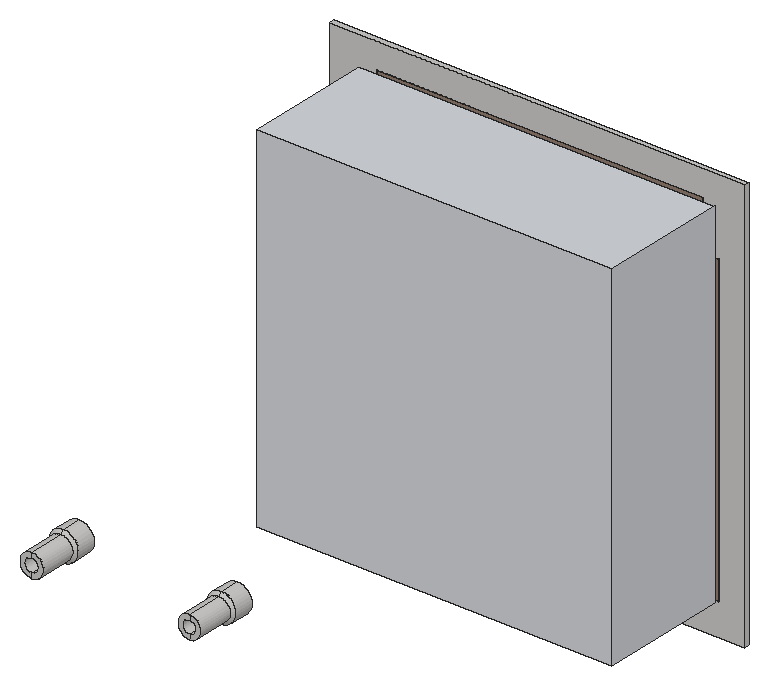
Revit family
Parameters (values of type "5560QT-08")
  Width = 10 1/2"
  Weight (lb) = 24.89
  Warranty = ""
  URL = "http://www.jrsmith.com"
  Technical and Installation = "http://www.jrsmith.com/products/hyd/techdata/hydrants_technical_data.htm"
  SmartBIM Object Version = 3  # constant formula
  SmartBIM Object Created By = "Reed Construction Data"  # constant formula
  Pipe Size = 1/2"
  OmniClass Title = "Facility Water Distribution and Piping"  # constant formula
  OmniClass Code = "22-22 11 13"  # constant formula
  Model = "5560QT"  # constant formula
  Max. Static Load = ""
  Material Finish = Stainless Steel
  Material = Bronze
  Manufacturer = "Jay R. Smith Mfg. Co. "  # constant formula
  Height = 10 1/2"
  Free Area(Sq In) = ""
  Flow Rate = ""
  Floor Offset = 18"
  Description = "Bronze nickel plated quarter turn non-freeze hydrant with 3/4in hose connection, backer plate, integral vacuum breaker with vandal resistant cap and T handle key"  # constant formula
  Capacity = ""
  Assembly Code = "D2020300"
  Action = "Key Quarter Turn"  # constant formula
  95 CSI = "15100"  # constant formula
  04 CSI = "22 11 13"  # constant formula
Types (6): name | Weight (lb)
  5560QT-08 | 24.89
  5560QT-12 | 25.3
  5560QT-16 | 25.98
  5560QT-20 | 26.65
  5560QT-24 | 27.23
  5560QT-SAP | 24.1
Reference planes (in)
  plane 1: y = 0
  plane 2 "Center (Left/Right)": x = -0.47711
  plane 3 "Back": y = 6
  plane 4: z = 18
  plane 5: z = 23.25
  plane 6: z = 28.5
  plane 7: x = -5.72711
  plane 8: x = 4.77289
  plane 9: y = -6
  plane 10: y = 6.125
  plane 11: y = -7.5
  plane 12: y = 2.75
  plane 13: y = 6.0625
  plane 14: z = 27.75
  plane 15: z = 18.75
  plane 16: x = -4.97711
  plane 17: x = 4.02289
  plane 18: x = 3.89789
  plane 19: x = -4.85211
  plane 20: y = 2.87439
  plane 21: z = 27.625
  plane 22: z = 18.875
  plane 23: x = -2.47711
  plane 24: x = 1.52289
Forms (in)
  Extrusion 1, void
    sketch origin (0, 0, 0) x (1, 0, 0) y (0, 1, 0)
      loop
        line (-5.72711, 6) -> (-5.72711, 2.75) -> (4.77289, 2.75) -> (4.77289, 6) -> (-5.72711, 6)
    from 18 to 28.5
  Extrusion 2, solid, material "Stainless Steel" <- "Material Finish"
    sketch origin (-60, 6, 0) x (-1, 0, 0) y (0, 0, 1)
      loop
        line (-64.77289, 18) -> (-54.27289, 18) -> (-54.27289, 28.5) -> (-64.77289, 28.5) -> (-64.77289, 18)
      loop
        line (-63.71439, 27.85) -> (-63.71439, 26.6) -> (-64.12445, 26.6) -> (-64.12445, 18.8) -> (-55.17289, 18.8) -> (-55.17289, 26.6) -> (-55.45796, 26.6) -> (-55.45796, 27.85) -> (-63.71439, 27.85)
    from 0 to 0.125
  Extrusion 3, solid, material "Bronze" <- "Material"
    sketch origin (-60, 6, 0) x (-1, 0, 0) y (0, 0, 1)
      loop
        line (-63.71439, 26.6) -> (-64.12445, 26.6) -> (-64.12445, 18.8) -> (-55.17289, 18.8) -> (-55.17289, 26.6) -> (-55.45796, 26.6) -> (-55.45796, 27.85) -> (-63.71439, 27.85) -> (-63.71439, 26.6)
    from 0 to 0.0625
  Extrusion 4, solid, material "Stainless Steel" <- "Material Finish"
    sketch origin (-60, 6, 0) x (-1, 0, 0) y (0, 0, 1)
      loop
        line (-60.23787, 24.5155) -> (-60.61012, 24.5155) -> (-61.52306, 21.33168)
        arc (-61.52306, 21.33168) -> (-61.40039, 21.11038) -> (-61.17909, 21.23305) r 0.17892
        line (-61.17909, 21.23305) -> (-60.23787, 24.5155)
      loop
        line (-58.93292, 24.5155) -> (-57.99169, 21.23305)
        arc (-57.99169, 21.23305) -> (-57.77039, 21.11038) -> (-57.64772, 21.33168) r 0.17892
        line (-57.64772, 21.33168) -> (-58.56066, 24.5155) -> (-58.93292, 24.5155)
      loop
        line (-59.88353, 24.5155) -> (-59.88353, 20.79672)
        arc (-59.88353, 20.79672) -> (-59.63353, 20.54672) -> (-59.38353, 20.79672) r 0.25
        line (-59.38353, 20.79672) -> (-59.38353, 24.5155) -> (-59.88353, 24.5155)
      loop
        circle (-59.61596, 19.7781) r 0.39706
      loop
        circle (-59.61596, 19.7781) r 0.25
    from 0.0625 to 0.125
  Extrusion 5, solid
    sketch origin (-60, 6, 0) x (-1, 0, 0) y (0, 0, 1)
      loop
        line (-64.02289, 18.75) -> (-55.02289, 18.75) -> (-55.02289, 27.75) -> (-64.02289, 27.75) -> (-64.02289, 18.75)
    from 0 to -3.25
  Extrusion 6, void
    sketch origin (-60, 6, 0) x (1, 0, 0) y (0, 0, 1)
      loop
        line (63.89789, 27.625) -> (55.14789, 27.625) -> (55.14789, 18.875) -> (63.89789, 18.875) -> (63.89789, 27.625)
    from 0 to 3.12561
  Revolve 7, solid, material "Stainless Steel" <- "Material Finish"
    sketch origin (1.52289, 0, 0) x (0, 1, 0) y (0, 0, 1)
      loop
        line (-6, 23.3673) -> (-6, 23.6173) -> (-6.49877, 23.6173) -> (-6.57929, 23.53678) -> (-7.5, 23.53678) -> (-7.5, 23.41178) -> (-6.52752, 23.41178) -> (-6.44699, 23.4923) -> (-6.125, 23.4923) -> (-6.125, 23.3673) -> (-6, 23.3673)
      axis (-6, 23.25) -> (-7.5, 23.25)
    angle from 0 to 360
  Revolve 8, solid, material "Stainless Steel" <- "Material Finish"
    sketch origin (-2.47711, 0, -0.1327) x (0, 1, 0) y (0, 0, -1)
      loop
        line (-6, -23.5) -> (-6.125, -23.5) -> (-6.125, -23.625) -> (-6.44699, -23.625) -> (-6.52752, -23.54448) -> (-7.5, -23.54448) -> (-7.5, -23.66948) -> (-6.57929, -23.66948) -> (-6.49877, -23.75) -> (-6, -23.75) -> (-6, -23.5)
      axis (-7.5, -23.375) -> (-6, -23.375)
    angle from 0 to 360
Cuts and joins
  Extrusion 6 cuts Extrusion 2
  Extrusion 6 cuts Extrusion 3
  Extrusion 6 cuts Extrusion 5
Text (in)
  text "Placement Side" at (0, 40.15149, 123.01588), in view "Right"
  text "Placement Side" at (-70.3804, 45.82615, 0), in view "Ref. Level"
  text "Placement Side" at (0, 47.49176, 113.10569), in view "Left"
Dimensions and locks (in)
  locked: plane 3 "Back" to host wall
  plane 4 to plane 5 to plane 6 = 5 1/4", 5 1/4"
  "Height": plane 4 to plane 6
  equal spacing: plane 7, plane 2 "Center (Left/Right)", plane 8
  "Width": plane 7 to plane 8
  locked: plane 10 to plane 3 "Back" at 0.125
  locked: plane 9 to plane 11 at 1.5
  locked: host wall to plane 12 at 3.25
  "Floor Offset": level to plane 4
  locked: Extrusion 2 sketch curve to plane 8 at 0.64844
  locked: Extrusion 2 sketch curve to plane 7 at 0.9
  locked: plane 4 to Extrusion 2 sketch curve at 0.8
  locked: Extrusion 2 sketch curve to plane 6 at 0.65
  locked: Extrusion 2 sketch curve to plane 7 at 1.18507
  locked: Extrusion 2 sketch curve to plane 8 at 1.05851
  locked: plane 13 to host wall at 0.0625
  locked: plane 14 to plane 6 at 0.75
  locked: plane 4 to plane 15 at 0.75
  locked: plane 7 to plane 16 at 0.75
  locked: plane 17 to plane 8 at 0.75
  locked: plane 18 to plane 17 at 0.125
  locked: plane 16 to plane 19 at 0.125
  locked: plane 20 to plane 12 at 0.12439
  locked: plane 21 to plane 14 at 0.125
  locked: plane 15 to plane 22 at 0.125
  equal spacing: plane 24, plane 2 "Center (Left/Right)", plane 23
  locked: Revolve 8 sketch curve to Revolve 8 sketch curve at 0.125
  locked: Revolve 8 sketch curve to plane 5 at 0.28678
  locked: Revolve 8 sketch curve to plane 5 at 0.0077
  locked: Revolve 7 sketch curve to Revolve 7 sketch curve at 0.125
  locked: Revolve 7 sketch curve to plane 5 at 0.16178
  aligned and locked: Extrusion 1 sketch curve to plane 7
  aligned and locked: host wall to Extrusion 1 sketch curve
  aligned and locked: plane 8 to Extrusion 1 sketch curve
  aligned and locked: plane 6 to Extrusion 1
  aligned and locked: Extrusion 1 to plane 4
  aligned and locked: Extrusion 1 to plane 3 "Back"
  aligned and locked: plane 8 to Extrusion 2 sketch curve
  aligned and locked: Extrusion 2 sketch curve to plane 6
  aligned and locked: Extrusion 2 sketch curve to plane 4
  aligned and locked: Extrusion 2 sketch curve to plane 7
  aligned and locked: Extrusion 2 to plane 10
  aligned and locked: plane 3 "Back" to Extrusion 2
  aligned and locked: Extrusion 3 sketch curve to Extrusion 2  (x8)
  aligned and locked: Extrusion 3 to host wall
  aligned and locked: Extrusion 4 to plane 10
  aligned and locked: Extrusion 3 to plane 13
  aligned and locked: Extrusion 4 to Extrusion 3
  aligned and locked: plane 14 to Extrusion 5 sketch curve
  aligned and locked: plane 15 to Extrusion 5 sketch curve
  aligned and locked: plane 12 to Extrusion 5
  aligned and locked: host wall to Extrusion 5
  aligned and locked: Extrusion 6 to plane 19
  aligned and locked: Extrusion 6 to plane 18
  aligned and locked: cut or joined group of Extrusion 5, Extrusion 6 to plane 3 "Back"
  aligned and locked: cut or joined group of Extrusion 5, Extrusion 6 to plane 20
  aligned and locked: plane 17 to Extrusion 5 sketch curve
  aligned and locked: plane 16 to Extrusion 5 sketch curve
  aligned and locked: Extrusion 6 sketch curve to plane 21
  aligned and locked: plane 19 to Extrusion 6 sketch curve
  aligned and locked: Extrusion 6 sketch curve to plane 22
  aligned and locked: plane 18 to Extrusion 6 sketch curve
  aligned and locked: plane 12 to Extrusion 1 sketch curve
  aligned and locked: plane 9 to host wall
  aligned and locked: Revolve 7 sketch curve to plane 11
  aligned and locked: Revolve 7 sketch curve to plane 9
  aligned and locked: plane 5 to Revolve 7 sketch curve
Automatic sketch dimensions
  Extrusion 2 sketch curve to plane 14 = 1.15"  (x2)
  Extrusion 4 sketch curve to Extrusion 4 sketch curve = 0"  (x4)
  plane 24 to Extrusion 4 sketch curve = 0.00017"
  Extrusion 4 sketch curve to plane 24 = 0.17181"
  Extrusion 4 sketch curve to Extrusion 4 sketch curve = 0.17199"  (x2)
  Extrusion 4 sketch curve to plane 24 = 0.91277"
  Extrusion 4 sketch curve to Extrusion 4 sketch curve = 0.37225"  (x2)
  plane 2 "Center (Left/Right)" to Extrusion 4 sketch curve = 0.36064"
  plane 2 "Center (Left/Right)" to Extrusion 4 sketch curve = 0.11064"
  plane 2 "Center (Left/Right)" to Extrusion 4 sketch curve = 0.09307"
  Extrusion 4 sketch curve to Extrusion 4 sketch curve = 0.45061"
  plane 23 to Extrusion 4 sketch curve = 0.4688"
  plane 23 to Extrusion 4 sketch curve = 0.12483"
  Extrusion 4 sketch curve to plane 15 = 1.0281"
  Extrusion 4 sketch curve to Extrusion 4 sketch curve = 1.01861"
  Extrusion 4 sketch curve to Extrusion 4 sketch curve = 0.43633"  (x2)
  Extrusion 4 sketch curve to Extrusion 4 sketch curve = 0.04932"  (x2)
  plane 5 to Extrusion 4 sketch curve = 1.2655"
  Revolve 7 sketch curve to plane 11 = 0.74915"
  plane 11 to Revolve 7 sketch curve = 0.58423"
  Revolve 7 sketch curve to Revolve 7 sketch curve = 0.33648"
  Revolve 7 sketch curve to Revolve 7 sketch curve = 0.05178"
  Revolve 7 sketch curve to Revolve 7 sketch curve = 0.08052"  (x4)
  Revolve 7 sketch curve to Revolve 7 sketch curve = 1/8"
  Revolve 8 sketch curve to plane 11 = 0"  (x2)
  Revolve 8 sketch curve to host wall = 0"
  host wall to Revolve 8 sketch curve = 0.57929"
  Revolve 8 sketch curve to Revolve 8 sketch curve = 0.05178"
  Revolve 8 sketch curve to Revolve 8 sketch curve = 0.08052"  (x2)
  host wall to Revolve 8 sketch curve = 1/8"
  Revolve 8 sketch curve to host wall = 0.13398"
  plane 5 to Revolve 7 sketch curve = 0.1173"
  Revolve 8 sketch curve to Revolve 8 sketch curve = 1/8"  (x2)
  plane 5 to Revolve 8 sketch curve = 0.1173"
  radius of Extrusion 4 sketch curve = 0.39706"
  radius of Extrusion 4 sketch curve = 1/4"
